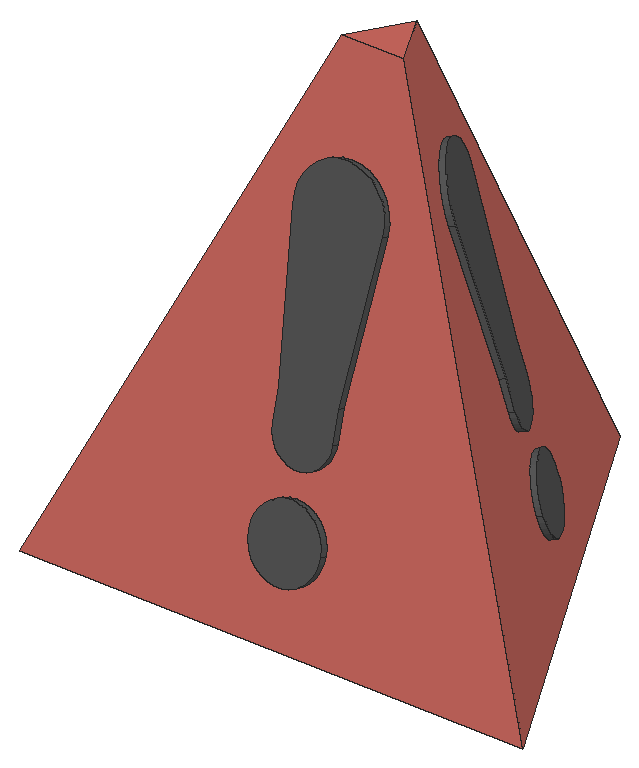
Revit family "Risk-Lifting", category Generic Models, Revit 2020
Family settings
  Can host rebar = No
  Round Connector Dimension = Use Diameter
  Part Type = Normal
  Work Plane-Based = No
  Always vertical = Yes
  Cut with Voids When Loaded = No
  Shared = No
  Room Calculation Point = Yes
Parameters
  Who is Likely to be Harmed [instance] = ""
  RiskBlock = Laminate, Red, Matte
  Risk Number [instance] = 0
  Risk Management Action Required [instance] = ""
  PD to include in Pre-Construct Info? [instance] = yes
  PD to include in Health and Safety File? [instance] = yes
  List Possible Hazards [instance] = ""
  Is the Risk Acceptable? [instance] = yes
  Exclamation = Laminate, Black
  Element of Design [instance] = ""
  Drawing/Spec. Reference [instance] = ""
  Default Elevation = 0 mm
  Date Risk or Hazard Removed & By Whom [instance] = ""
  Action Required By Who and By When [instance] = ""
Reference planes
  plane 1 "Center (Front/Back)": y = 0
  plane 2: z = 0
  plane 3 "Center (Left/Right)": x = 0
  plane 4 "Top": z = 800
Forms (mm)
  Extrusion 1, solid, material "Laminate, Black" <- "Exclamation"
    sketch origin (212.783, -257.679, -63.357) x (1, 0, 0) y (0, 0.254936, 0.966958)
      loop
        circle (-211.695, 212.66) r 60
      loop
        arc (-262.719, 362.315) -> (-212.378, 312.658) -> (-162.721, 362.999) r 50
        line (-162.721, 362.999) -> (-163.063, 412.997) -> (-140.104, 655.583)
        arc (-140.104, 655.583) -> (-215.283, 737.648) -> (-289.333, 654.563) r 75
        line (-289.333, 654.563) -> (-263.06, 412.314) -> (-262.719, 362.315)
    from 0 to 10
  Extrusion 2, solid, material "Laminate, Black" <- "Exclamation"
    sketch origin (222.945, 127.243, -62.445) x (-0.5, 0.866025, 0) y (-0.220211, -0.127139, 0.967131)
      loop
        circle (1.287, 211.098) r 60
      loop
        line (51.287, 361.098) -> (51.287, 411.098) -> (75.904, 653.521)
        arc (75.904, 653.521) -> (1.287, 736.098) -> (-73.329, 653.521) r 75
        line (-73.329, 653.521) -> (-48.713, 411.098) -> (-48.713, 361.098)
        arc (-48.713, 361.098) -> (1.287, 311.098) -> (51.287, 361.098) r 50
    from 0 to 10
  Extrusion 3, solid, material "Laminate, Black" <- "Exclamation"
    sketch origin (-216.457, 134.846, -61.837) x (-0.5, -0.866025, 0) y (0.218654, -0.12624, 0.967602)
      loop
        line (-75.018, 652.702) -> (-50.401, 410.278) -> (-50.401, 360.278)
        arc (-50.401, 360.278) -> (-0.401, 310.278) -> (49.599, 360.278) r 50
        line (49.599, 360.278) -> (49.599, 410.278) -> (74.215, 652.702)
        arc (74.215, 652.702) -> (-0.401, 735.278) -> (-75.018, 652.702) r 75
      loop
        circle (-0.401, 210.278) r 60
    from 10 to 0
  Blend 4, solid, material "Laminate, Red, Matte" <- "RiskBlock"
    base sketch origin (0, 0, 0) x (1, 0, 0) y (0, 1, 0)
      loop
        line (0.886, 479.025) -> (-414.806, -240.975) -> (416.578, -240.975) -> (0.886, 479.025)
    top sketch origin (0, 0, 0) x (1, 0, 0) y (0, 1, 0)
      loop
        line (-0.032, 59.943) -> (-51.993, -30.057) -> (51.93, -30.057) -> (-0.032, 59.943)
    from 0 to 800
Dimensions and locks
  plane 4 "Top" to plane 2 = 800 mm
  aligned and locked: level to plane 2
  aligned and locked: Extrusion 2 to Blend 4
Nested families
  nested 1: "RiskSymbol-Lifting" at (-0.962, 0, 0), type "RiskSymbol-Lifting"
Definition of nested family "RiskSymbol-Lifting"
  Reference planes
    plane 1: y = 0
    plane 2: x = 0
  Lines and regions (mm)
    Filled region 1, type "Red Fill"
      outline origin (0, 0, 0) x (1, 0, 0) y (0, 1, 0)
        loop
          line (-7.783, -6.384) -> (7.217, -6.384) -> (7.216, -3.877)
          arc (7.216, -3.877) -> (6.598, -3.28) -> (5.738, -3.284) r 1.142
          line (5.738, -3.284) -> (1.193, -0.345)
          arc (1.193, -0.345) -> (1.63, 0.617) -> (1.257, 1.606) r 1.378
          arc (1.257, 1.606) -> (0.887, 2.031) -> (0.551, 2.484) r 7.326
          arc (0.551, 2.484) -> (0.802, 2.856) -> (0.89, 3.296) r 1.139
          line (0.89, 3.296) -> (0.89, 5.725) -> (1.654, 7.396) -> (1.654, 8.196) -> (-2.153, 8.196) -> (-2.153, 7.396) -> (-1.388, 5.725) -> (-1.388, 3.296)
          arc (-1.388, 3.296) -> (-1.201, 2.669) -> (-0.7, 2.249) r 1.139
          arc (-0.7, 2.249) -> (-0.395, 1.5) -> (0.054, 0.828) r 4.013
          arc (0.054, 0.828) -> (-0.043, 0.205) -> (-0.651, 0.372) r 0.422
          arc (-0.651, 0.372) -> (-1.401, 1.051) -> (-2.412, 1.034) r 1.377
          arc (-2.412, 1.034) -> (-1.9, 0.469) -> (-1.435, -0.135) r 9.59
          line (-1.435, -0.135) -> (-6.305, -3.284)
          arc (-6.305, -3.284) -> (-7.165, -3.28) -> (-7.784, -3.877) r 1.142
          line (-7.784, -3.877) -> (-7.783, -6.384)
        loop
          line (6.098, -3.877) -> (0.956, -0.552)
          arc (0.956, -0.552) -> (-0.174, -0.856) -> (-1.237, -0.368) r 1.723
          line (-1.237, -0.368) -> (-6.665, -3.877) -> (6.098, -3.877)
        loop
          arc (6.456, 1.806) -> (7.105, 2.181) -> (7.105, 2.931) r 0.75
          line (7.105, 2.931) -> (4.829, 6.874)
          arc (4.829, 6.874) -> (4.179, 7.249) -> (3.53, 6.874) r 0.75
          line (3.53, 6.874) -> (1.254, 2.931)
          arc (1.254, 2.931) -> (1.254, 2.181) -> (1.903, 1.806) r 0.75
          line (1.903, 1.806) -> (6.456, 1.806)
        loop
          line (3.564, 5.726) -> (3.779, 3.326) -> (4.579, 3.326) -> (4.797, 5.726) -> (3.564, 5.726)
        loop
          line (4.663, 2.227) -> (4.663, 3.082) -> (3.695, 3.082) -> (3.695, 2.227) -> (4.663, 2.227)
  Text (mm)
    text "Risk: Lifting" at (-0.366, -9.789, 0)
